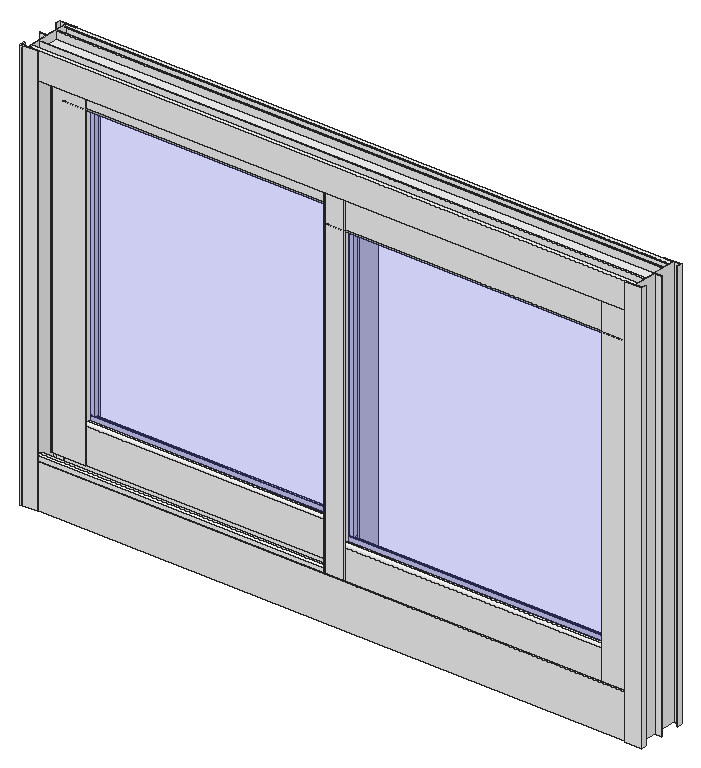
Revit family "Elite_OX_Custom", category Windows, host Wall, Revit 2014
Parameters (values of type "OX_Custom")
  Windload Design = if(Custom Windload < 1001 mm, 1000 mm, if(Custom Windload < 1501 mm, 1500 mm, 2000 mm))  # 1000 mm
  Width Sash Right [instance] = 447.9 mm
  Width Sash Left [instance] = 447.9 mm
  Wall Thickness [instance] = 200 mm
  Standard Interlocker = not(Inside Heavy Duty Interlocker)  # yes
  Sash Width Right = (Width - (2 mm * 12) - Sash Width Left) + 29.8 mm  # 447.9 mm
  Sash Width Left = if(Equal Sash Width, ((Width - (2 mm * 12)) / 2) + 14.9 mm, if(Custom Sash Width Left < Limit Sash Width Left Min, Limit Sash Width Left Min, if(Custom Sash Width Left > Limit Sash Width Left Max, Limit Sash Width Left Max, Custom Sash Width Left)))  # 447.9 mm
  Sash Side Spacing = 0.5 mm  # constant formula
  Sash Height = Height - 29 mm - 54 mm  # 507 mm
  Sash Frame Seal = 1 mm  # constant formula
  Rough Width = 2.5 mm
  Overall Width [instance] = 890 mm
  Overall Height [instance] = 590 mm
  Outside Heavy Duty Interlocker = if(Interlocker Configuration = 2 mm, 1 = 1, 1 = 0)  # no
  Max Pane Area = if(Area Right Sash Glazing > Area Left Sash Glazing, Area Right Sash Glazing, Area Left Sash Glazing)  # 0.160149 m²
  Limit Window Width Min = (2 * Limit Sash Width Min) + (2 mm * 12) - 29.8 mm  # 594.2 mm
  Limit Window Width Max = if(Windload Design = 1000 mm, (2 * Limit Sash Width Max) + (2 mm * 12) - 29.8 mm, if(Windload Design = 1500 mm, if(Custom Window Height > 1490 mm, 1490 mm, (2 * Limit Sash Width Max) + (2 mm * 12) - 29.8 mm), if(Custom Window Height > 1490 mm, 890 mm, (2 * Limit Sash Width Max) + (2 mm * 12) - 29.8 mm)))  # 2994.2 mm
  Limit Window Height Min = Limit Sash Height Min + (29 mm + 54 mm)  # 383 mm
  Limit Window Height Max = if(Windload Design = 1000 mm, Limit Sash Height Max + (29 mm + 54 mm), if(Windload Design = 1500 mm, if(and(Custom Window Width > 1490 mm, Custom Window Height > 1490 mm), 1490 mm, Limit Sash Height Max + (29 mm + 54 mm)), if(and(Custom Window Width > 890 mm, Custom Window Height > 1490 mm), 1490 mm, Limit Sash Height Max + (29 mm + 54 mm))))  # 1883 mm
  Limit Sash Width Min = 300 mm  # constant formula
  Limit Sash Width Max = 1500 mm  # constant formula
  Limit Sash Width Left Min = if(Width - (2 mm * 12) - Limit Sash Width Max + 29.8 mm < Limit Sash Width Min, Limit Sash Width Min, Width - (2 mm * 12) - Limit Sash Width Max + 29.8 mm)  # 300 mm
  Limit Sash Width Left Max = if(Width - (2 mm * 12) - Limit Sash Width Min + 29.8 mm > Limit Sash Width Max, Limit Sash Width Max, Width - (2 mm * 12) - Limit Sash Width Min + 29.8 mm)  # 595.8 mm
  Limit Sash Height Min = 300 mm  # constant formula
  Limit Sash Height Max = 1800 mm  # constant formula
  Interlocker Configuration = if(Windload Design = 1000 mm, if(or(not(Height > 890 mm), or(and(not(Height > 1190 mm), not(Width > 2690 mm)), and(not(Height > 1490 mm), not(Width > 890 mm)))), 0 mm, if(and(Height > 1490 mm, Width > 1190 mm), 2 mm, 1 mm)), if(Windload Design = 1500 mm, if(or(and(not(Width > 1190 mm), not(Height > 1190 mm)), not(Height > 890 mm)), 0 mm, if(or(and(Width > 1790 mm, Height > 1190 mm), and(Width > 890 mm, Height > 1490 mm)), 2 mm, 1 mm)), if(or(not(Height > 890 mm), and(not(Width > 890 mm), not(Height > 1190 mm))), 0 mm, if(or(Height > 1490 mm, and(Width > 1190 mm, Height > 1190 mm)), 2 mm, 1 mm))))  # 0 mm
  Height Sash [instance] = 507 mm
  Height = if(Custom Window Height < Limit Window Height Min, Limit Window Height Min, if(Custom Window Height > Limit Window Height Max, Limit Window Height Max, Custom Window Height))  # 590 mm
  Inside Heavy Duty Interlocker = if(or(Interlocker Configuration = 1 mm, Interlocker Configuration = 2 mm), 1 = 1, 1 = 0)  # no
  Glazing Thickness = if(not(Max Pane Area > 0.75 m²), 4 mm, if(not(Max Pane Area > 1.50 m²), 4 mm, if(not(Max Pane Area > 2.10 m²), 5 mm, if(not(Max Pane Area > 2.90 m²), 6.4 mm, if(not(Max Pane Area > 4.30 m²), 8 mm, 10 mm)))))  # 4 mm
  Glass Type = Glass
  Frame Thickness = 70.3 mm  # constant formula
  Frame Offset From Exterior [instance] = if(Centered In Wall, (Wall Thickness - Frame Thickness) / 2, Custom Frame Offset From Exterior)  # 64.85 mm
  Equal Sash Width = yes
  Default Sill Height = 800 mm
  Wall Closure = By host
  Width = if(Custom Window Width < Limit Window Width Min, Limit Window Width Min, if(Custom Window Width > Limit Window Width Max, Limit Window Width Max, Custom Window Width))  # 890 mm
  Custom Window Width = 890 mm
  Custom Window Height = 590 mm
  Custom Windload = 1000 mm
  Custom Sash Width Left = 600 mm
  Custom Frame Offset From Exterior = 0 mm
  Centered In Wall = yes
  Area Right Sash Glazing = (Sash Width Right - 21 mm - 41 mm) * (Sash Height - (46 mm * 2))  # 0.160149 m²
  Area Left Sash Glazing = (Sash Width Left - 21 mm - 41 mm) * (Sash Height - (46 mm * 2))  # 0.160149 m²
  Aluminium Finish [instance] = White Powder Coated Aluminium ANP 1052
Reference planes
  plane 1 "Center (Front/Back)": y = 0
  plane 2 "Center (Left/Right)": x = 0
  plane 3 "Left": x = -445
  plane 4 "Right": x = 445
  plane 5 "Sill": z = 800
  plane 6 "Head": z = 1390
  plane 7 "Exterior": y = 100
  plane 8 "Interior": y = -100
Lines and regions (mm)
  Opening 1
    outline origin (3500, -100, 0) x (1, 0, 0) y (0, 0, 1)
      loop
        line (-3055, 800) -> (-3055, 1390) -> (-3945, 1390) -> (-3945, 800) -> (-3055, 800)
Text (mm)
  text "EXTERIOR" at (-1963.203, 1332.353, 0), in view "Ref. Level"
  text "INTERIOR" at (-1981.466, -818.386, 0), in view "Ref. Level"
  text "Exterior" at (0, 923.751, 2943.296), in view "Right"
  text "Exterior" at (0, 1040.484, 2685.409), in view "Left"
Dimensions and locks
  equal spacing: plane 3 "Left", plane 2 "Center (Left/Right)", plane 4 "Right"
  "Width": plane 3 "Left" to plane 4 "Right"
  "Height": plane 5 "Sill" to plane 6 "Head"
  "Default Sill Height": plane 5 "Sill" to level
  locked: plane 7 "Exterior" to host wall at 0
  locked: plane 8 "Interior" to host wall
  "Overall Height": plane 6 "Head" to plane 5 "Sill"
  "Overall Width": plane 3 "Left" to plane 4 "Right"
  "Sash Side Spacing": nested 1 to nested 3
  "Sash Side Spacing": nested 2 to nested 1
  "Width Sash Left": nested 2 to nested 2
  "Height Sash": nested 2 to nested 2
  "Width Sash Right": nested 3 to nested 3
  "Frame Offset From Exterior": nested 1 to plane 7 "Exterior"
  locked: nested 1 to nested 3 at 0.7
  locked: nested 2 to nested 1 at 1
  aligned and locked: nested 1 to plane 6 "Head"
  aligned and locked: nested 1 to plane 3 "Left"
  aligned and locked: nested 3 to nested 1
  aligned and locked: nested 2 to nested 1
Automatic sketch dimensions
  plane 3 "Left" to Opening 1 sketch curve = 0 mm
  plane 4 "Right" to Opening 1 sketch curve = 0 mm
  Opening 1 sketch curve to plane 5 "Sill" = 0 mm
  Opening 1 sketch curve to plane 6 "Head" = 0 mm
Nested families
  nested 1: "Elite_Frame_OX_XX" at (445, -35.15, 800), Profile Material <- "Aluminium Finish", Width <- "Width", Height <- "Height", type "Elite_Frame_OX_XX"
    with Width 890 mm, Profile Material White Powder Coated Aluminium ANP 1052, Length Jamb 590 mm, Length Head & Sill 867 mm, Height 590 mm
  nested 2: "Elit_Sash_Inner" at (433, -30.5, 854), Profile Material <- "Aluminium Finish", Glazing Material <- "Glass Type", Sash Width <- "Sash Width Left", Sash Height <- "Sash Height", Glazing Thickness <- "Glazing Thickness", Is Heavy Duty Interlocker <- "Inside Heavy Duty Interlocker", type "Elit_Sash_Inner"
    with Sash Width 447.9 mm, Sash Height 507 mm, Right Sliding no, Profile Material White Powder Coated Aluminium ANP 1052, Length Sash Head & Sill 431.9 mm, Length Arrow Tip 35.081 mm, Length Arrow 115.767 mm, Left Sliding no, Is Standard Interlocker yes, Is Sliding no, Is Heavy Duty Interlocker no, Glazing Width 385.9 mm, Glazing Thickness 4 mm, Glazing Start -2 mm, Glazing Material Glass, Glazing Height 415 mm, Glazing Frame Side Gap 3 mm, Glazing End 2 mm, Arrow Tip Length 35.081 mm, Arrow Left Gap 135.067 mm, Arrow Bottom Gap 207.5 mm
  nested 3: "Elite_Sash_Outer" at (-433, 30.2, 854) x (-1, 0, 0) z (0, 0, 1), Profile Material <- "Aluminium Finish", Glazing Material <- "Glass Type", Glazing Thickness <- "Glazing Thickness", Sash Width <- "Sash Width Right", Sash Height <- "Sash Height", Is Heavy Duty Interlocker <- "Outside Heavy Duty Interlocker", type "Elite_Sash_Outer"
    with Sash Width 447.9 mm, Sash Height 507 mm, Right Sliding yes, Profile Material White Powder Coated Aluminium ANP 1052, Length Sash Head & Sill 431.9 mm, Length Arrow Tip 35.081 mm, Length Arrow 115.767 mm, Left Sliding no, Is Standard Interlocker yes, Is Sliding yes, Is Heavy Duty Interlocker no, Glazing Width 385.9 mm, Glazing Thickness 4 mm, Glazing Start -2 mm, Glazing Material Glass, Glazing Height 415 mm, Glazing Frame Side Gap 3 mm, Glazing End 2 mm, Arrow Tip Length 35.081 mm, Arrow Left Gap 135.067 mm, Arrow Bottom Gap 207.5 mm
Definition of nested family "Elite_Frame_OX_XX"
  Parameters (values of type "Elite_Frame_OX_XX")
    Width [instance] = 600 mm
    Profile Material [instance] = none
    Length Jamb [instance] = Height  # 900 mm
    Length Head & Sill [instance] = Width - 2 * 11.5 mm  # 577 mm
    Height [instance] = 900 mm
  Reference planes
    plane 1 "Center (Front/Back)": y = 0
    plane 2: z = 0
    plane 3 "Center (Left/Right)": x = 0
  Dimensions and locks
    aligned and locked: level to plane 2
    aligned and locked: nested 2 to plane 2
    aligned and locked: plane 3 "Center (Left/Right)" to nested 2
    aligned and locked: plane 1 "Center (Front/Back)" to nested 2
    aligned and locked: nested 1 to nested 2  (x2)
    aligned and locked: nested 2 to nested 3
    aligned and locked: nested 2 to nested 1
    aligned and locked: nested 4 to plane 1 "Center (Front/Back)"
    aligned and locked: nested 4 to nested 1
    aligned and locked: plane 2 to nested 4
    aligned and locked: nested 3 to nested 2
    aligned and locked: nested 3 to nested 4
  Nested families
    nested 1: "Elite_Frame_Sill" at (-11.5, 68.5, 0) x (-1, 0, 0) z (0, 0, 1), Profile Material <- "Profile Material", Length Frame Sill <- "Length Head & Sill", type "Elite_Frame_Sill"
      with Profile Material none, Length Frame Sill 577 mm
    nested 2: "Elite_Frame_Jamb_Mirror" at (-24.5, 70.3, 0) x (0, -1, 0) z (0, 0, 1), Profile Material <- "Profile Material", Length Frame Jamb <- "Length Jamb", type "Elite_Frame_Jamb_Mirror"
      with Profile Material none, Length Frame Jamb 900 mm
    nested 3: "Elite_Frame_Head" at (-588.5, 1.5, 759.46), Profile Material <- "Profile Material", Length Frame Head <- "Length Head & Sill", type "Elite_Frame_Head"
      with Profile Material none, Length Frame Head 577 mm
    nested 4: "Elite_Frame_Jamb" at (-575.5, 70.3, 0) x (0, -1, 0) z (0, 0, 1), Profile Material <- "Profile Material", Length Frame Jamb <- "Length Jamb", type "Elite_Frame_Jamb"
      with Profile Material none, Length Frame Jamb 900 mm
  Definition of nested family "Elite_Frame_Sill"
    Parameters (values of type "Elite_Frame_Sill")
      Profile Material [instance] = none
      Length Frame Sill [instance] = 250 mm
    Reference planes
      plane 1 "Center (Front/Back)": y = 0
      plane 2: z = 0
      plane 3 "Center (Left/Right)": x = 0
    Forms (mm)
      Extrusion 1, solid, material <- "Profile Material"
        sketch origin (0, 0, 0) x (0, 1, 0) y (0, 0, 1)
          loop
            line (20.5, 61.807) -> (15.922, 62.99) -> (11.5, 61.805) -> (11.5, 54) -> (12.9, 54) -> (12.9, 60.734) -> (16.078, 61.54) -> (19.1, 60.731) -> (19.1, 37) -> (12.88, 36.997) -> (0, 35.262) -> (0, 11.5) -> (1.4, 11.5) -> (1.4, 15) -> (12, 15) -> (12, 0) -> (17, 0) -> (17, 1) -> (13.4, 1) -> (13.4, 5) -> (17, 5) -> (17, 6) -> (13.4, 6) -> (13.4, 18.532) -> (65.6, 20.009) -> (65.6, 6) -> (62, 6) -> (62, 5) -> (65.6, 5) -> (65.6, 1) -> (62, 1) -> (62, 0) -> (67, 0) -> (67, 63) -> (65.6, 63) -> (65.6, 37) -> (55.5, 37) -> (55.5, 61.807) -> (50.922, 62.99) -> (46.5, 61.805) -> (46.5, 54) -> (47.9, 54) -> (47.9, 60.734) -> (51.078, 61.54) -> (54.1, 60.731) -> (54.1, 37) -> (20.5, 37) -> (20.5, 61.807)
          loop
            line (65.6, 35.6) -> (12.994, 35.6) -> (1.4, 34.038) -> (1.4, 16.4) -> (12, 16.4) -> (12, 19.893) -> (65.6, 21.409) -> (65.6, 35.6)
        from 0 to 250 <- "Length Frame Sill"
    Dimensions and locks
      aligned and locked: level to plane 2
  Definition of nested family "Elite_Frame_Jamb_Mirror"
    Parameters (values of type "Elite_Frame_Jamb_Mirror")
      Void Spacing Top = 13 mm  # constant formula
      Void Spacing Bottom = 38 mm  # constant formula
      Void Cut Length = 13 mm  # constant formula
      Profile Material [instance] = none
      Length Frame Jamb [instance] = 250 mm
    Reference planes
      plane 1 "Center (Front/Back)": y = 0
      plane 2: z = 0
      plane 3 "Center (Left/Right)": x = 0
    Forms (mm)
      Extrusion 1, solid, material <- "Profile Material"
        sketch origin (-5.594, -3.252, 0) x (1, 0, 0) y (0, 1, 0)
          loop
            line (74.394, 26.252) -> (74.394, 17.752) -> (41.394, 17.752) -> (41.394, 27.752) -> (40.094, 27.752) -> (40.094, 17.752) -> (7.094, 17.752) -> (7.094, 26.252) -> (12.594, 26.252) -> (12.594, 27.752) -> (5.594, 27.752) -> (5.594, 3.252) -> (7.094, 3.252) -> (7.094, 16.252) -> (49.743, 16.252) -> (49.743, 10.75) -> (52.03, 3.252) -> (53.599, 3.252) -> (50.994, 11.791) -> (50.994, 16.252) -> (65.494, 16.252) -> (65.494, 11.791) -> (62.888, 3.252) -> (64.457, 3.252) -> (66.744, 10.793) -> (66.744, 16.252) -> (74.394, 16.252) -> (74.394, 3.252) -> (75.894, 3.252) -> (75.894, 27.752) -> (68.894, 27.752) -> (68.894, 26.252) -> (74.394, 26.252)
        from 0 to 250 <- "Length Frame Jamb"
      Extrusion 2, void
        sketch origin (70.3, 0, 0) x (1, 0, 0) y (0, 0, -1)
          loop
            line (-26.151, -237) -> (-26.151, -250) -> (-9.15, -250) -> (-9.15, -237) -> (-26.151, -237)
          loop
            line (-26.151, -38) -> (-9.15, -38) -> (-9.15, 0) -> (-26.151, 0) -> (-26.151, -38)
        from 0 to 13 <- "Void Cut Length"
    Cuts and joins
      Extrusion 2 cuts Extrusion 1
    Dimensions and locks
      "Void Spacing Top": Extrusion 2 sketch curve to Extrusion 2 sketch curve
      "Void Spacing Bottom": Extrusion 2 sketch curve to Extrusion 2 sketch curve
      aligned and locked: level to plane 2
      aligned and locked: Extrusion 1 to Extrusion 2 sketch curve  (x2)
      aligned and locked: Extrusion 2 sketch curve to Extrusion 1
      aligned and locked: Extrusion 2 sketch curve to cut or joined group of Extrusion 1, Extrusion 2  (x3)
    Automatic sketch dimensions
      Extrusion 1 sketch curve to plane 3 "Center (Left/Right)" = 0 mm
      plane 1 "Center (Front/Back)" to Extrusion 1 sketch curve = 0 mm  (x4)
      plane 3 "Center (Left/Right)" to Extrusion 1 sketch curve = 1.5 mm  (x2)
      Extrusion 1 sketch curve to Extrusion 1 sketch curve = 5.5 mm  (x2)
      Extrusion 1 sketch curve to Extrusion 1 sketch curve = 27.5 mm
      Extrusion 1 sketch curve to Extrusion 1 sketch curve = 1.3 mm
      Extrusion 1 sketch curve to Extrusion 1 sketch curve = 8.349 mm
      Extrusion 1 sketch curve to Extrusion 1 sketch curve = 1.251 mm
      Extrusion 1 sketch curve to Extrusion 1 sketch curve = 2.288 mm
      Extrusion 1 sketch curve to Extrusion 1 sketch curve = 1.568 mm
      Extrusion 1 sketch curve to Extrusion 1 sketch curve = 9.29 mm
      Extrusion 1 sketch curve to Extrusion 1 sketch curve = 1.569 mm
      Extrusion 1 sketch curve to Extrusion 1 sketch curve = 1.037 mm
      Extrusion 1 sketch curve to Extrusion 1 sketch curve = 1.25 mm
      Extrusion 1 sketch curve to Extrusion 1 sketch curve = 2.15 mm
      Extrusion 1 sketch curve to Extrusion 1 sketch curve = 0 mm  (x3)
      Extrusion 1 sketch curve to Extrusion 1 sketch curve = 1.5 mm  (x5)
      Extrusion 1 sketch curve to plane 1 "Center (Front/Back)" = 7.498 mm
      Extrusion 1 sketch curve to plane 1 "Center (Front/Back)" = 7.54 mm
      Extrusion 1 sketch curve to Extrusion 1 sketch curve = 0.998 mm
      Extrusion 1 sketch curve to Extrusion 1 sketch curve = 1.041 mm
      Extrusion 1 sketch curve to Extrusion 1 sketch curve = 4.461 mm
      Extrusion 1 sketch curve to Extrusion 1 sketch curve = 8.5 mm  (x2)
      Extrusion 1 sketch curve to Extrusion 1 sketch curve = 10 mm
  Definition of nested family "Elite_Frame_Head"
    Parameters (values of type "Elite_Frame_Head")
      Profile Material [instance] = none
      Length Frame Head [instance] = 250 mm
    Reference planes
      plane 1 "Center (Front/Back)": y = 0
      plane 2: z = 0
      plane 3 "Center (Left/Right)": x = 0
    Forms (mm)
      Extrusion 1, solid, material <- "Profile Material"
        sketch origin (0, 0, 0) x (0, 1, 0) y (0, 0, 1)
          loop
            line (11.5, 102.54) -> (20.5, 102.54) -> (20.5, 111.54) -> (19.1, 111.54) -> (19.1, 103.94) -> (12.9, 103.94) -> (12.9, 128.64) -> (54.1, 128.64) -> (54.1, 103.94) -> (47.9, 103.94) -> (47.9, 111.54) -> (46.5, 111.54) -> (46.5, 102.54) -> (55.5, 102.54) -> (55.5, 128.64) -> (65.5, 128.64) -> (65.5, 102.54) -> (67, 102.54) -> (67, 140.54) -> (61.65, 140.54) -> (61.65, 139.14) -> (65.5, 139.14) -> (65.5, 130.04) -> (49.298, 130.04) -> (49.298, 140.54) -> (47.9, 140.54) -> (47.9, 130.04) -> (19.1, 130.04) -> (19.1, 140.54) -> (17.7, 140.54) -> (17.7, 130.04) -> (1.5, 130.04) -> (1.5, 139.14) -> (5.35, 139.14) -> (5.35, 140.54) -> (0, 140.54) -> (0, 102.54) -> (1.5, 102.54) -> (1.5, 128.64) -> (11.5, 128.64) -> (11.5, 102.54)
        from 0 to 250 <- "Length Frame Head"
    Dimensions and locks
      aligned and locked: level to plane 2
  Definition of nested family "Elite_Frame_Jamb"
    Parameters (values of type "Elite_Frame_Jamb")
      Void Spacing Top = 13 mm  # constant formula
      Void Spacing Bottom = 38 mm  # constant formula
      Void Cut Length = 13 mm  # constant formula
      Profile Material [instance] = none
      Length Frame Jamb [instance] = 250 mm
    Reference planes
      plane 1 "Center (Front/Back)": y = 0
      plane 2: z = 0
      plane 3 "Center (Left/Right)": x = 0
    Forms (mm)
      Extrusion 1, solid, material <- "Profile Material"
        sketch origin (-5.594, -3.252, 0) x (1, 0, 0) y (0, 1, 0)
          loop
            line (7.094, 26.252) -> (12.594, 26.252) -> (12.594, 27.752) -> (5.594, 27.752) -> (5.594, 3.252) -> (7.094, 3.252) -> (7.094, 16.252) -> (14.744, 16.252) -> (14.744, 10.793) -> (17.03, 3.252) -> (18.599, 3.252) -> (15.994, 11.791) -> (15.994, 16.252) -> (30.494, 16.252) -> (30.494, 11.791) -> (27.888, 3.252) -> (29.457, 3.252) -> (31.744, 10.75) -> (31.744, 16.252) -> (74.394, 16.252) -> (74.394, 3.252) -> (75.894, 3.252) -> (75.894, 27.752) -> (68.894, 27.752) -> (68.894, 26.252) -> (74.394, 26.252) -> (74.394, 17.752) -> (41.394, 17.752) -> (41.394, 27.752) -> (40.094, 27.752) -> (40.094, 17.752) -> (7.094, 17.752) -> (7.094, 26.252)
        from 0 to 250 <- "Length Frame Jamb"
      Extrusion 2, void
        sketch origin (68.8, 0, 0) x (-1, 0, 0) y (0, 0, 1)
          loop
            line (59.65, 250) -> (42.649, 250) -> (42.649, 237) -> (59.65, 237) -> (59.65, 250)
          loop
            line (42.649, 0) -> (59.65, 0) -> (59.65, 38) -> (42.649, 38) -> (42.649, 0)
        from 0 to 13 <- "Void Cut Length"
    Cuts and joins
      Extrusion 2 cuts Extrusion 1
    Dimensions and locks
      "Void Spacing Bottom": Extrusion 2 sketch curve to Extrusion 2 sketch curve
      "Void Spacing Top": Extrusion 2 sketch curve to Extrusion 2 sketch curve
      aligned and locked: level to plane 2
      aligned and locked: Extrusion 2 sketch curve to Extrusion 1  (x6)
    Automatic sketch dimensions
      plane 1 "Center (Front/Back)" to Extrusion 1 sketch curve = 0 mm  (x4)
      Extrusion 1 sketch curve to plane 3 "Center (Left/Right)" = 0 mm
      plane 3 "Center (Left/Right)" to Extrusion 1 sketch curve = 1.5 mm  (x2)
      Extrusion 1 sketch curve to Extrusion 1 sketch curve = 5.5 mm  (x2)
      Extrusion 1 sketch curve to Extrusion 1 sketch curve = 7.65 mm
      Extrusion 1 sketch curve to Extrusion 1 sketch curve = 1.25 mm
      Extrusion 1 sketch curve to Extrusion 1 sketch curve = 2.287 mm
      Extrusion 1 sketch curve to Extrusion 1 sketch curve = 1.569 mm
      Extrusion 1 sketch curve to Extrusion 1 sketch curve = 9.29 mm
      Extrusion 1 sketch curve to Extrusion 1 sketch curve = 1.568 mm
      Extrusion 1 sketch curve to Extrusion 1 sketch curve = 1.037 mm
      Extrusion 1 sketch curve to plane 1 "Center (Front/Back)" = 7.498 mm
      Extrusion 1 sketch curve to Extrusion 1 sketch curve = 1.251 mm
      Extrusion 1 sketch curve to Extrusion 1 sketch curve = 8.349 mm
      Extrusion 1 sketch curve to Extrusion 1 sketch curve = 1.3 mm
      Extrusion 1 sketch curve to Extrusion 1 sketch curve = 27.5 mm
      Extrusion 1 sketch curve to Extrusion 1 sketch curve = 0 mm  (x3)
      Extrusion 1 sketch curve to Extrusion 1 sketch curve = 1.5 mm  (x5)
      Extrusion 1 sketch curve to plane 1 "Center (Front/Back)" = 7.54 mm
      Extrusion 1 sketch curve to Extrusion 1 sketch curve = 0.998 mm
      Extrusion 1 sketch curve to Extrusion 1 sketch curve = 1.041 mm
      Extrusion 1 sketch curve to Extrusion 1 sketch curve = 4.461 mm
      Extrusion 1 sketch curve to Extrusion 1 sketch curve = 8.5 mm  (x2)
      Extrusion 1 sketch curve to Extrusion 1 sketch curve = 10 mm
Definition of nested family "Elit_Sash_Inner"
  Parameters (values of type "Elit_Sash_Inner")
    Top&Bottom Side Spacing = 14.5 mm  # constant formula
    Sash Width [instance] = 1500 mm
    Sash Height [instance] = 1200 mm
    Right Sliding [instance] = yes
    Profile Material [instance] = White Powder Coated Aluminium ANP 1052
    Overlap Gap = 1.4 mm  # constant formula
    Middle of Glazing = 13 mm  # constant formula
    Length Sash Head & Sill [instance] = Sash Width - 14.5 mm - 1.5 mm  # 1484 mm
    Length Arrow Tip [instance] = Length Arrow / 3.3  # 141.354 mm
    Length Arrow [instance] = (Sash Width - (2 * 50.3 mm)) / 3  # 466.467 mm
    Left Sliding [instance] = yes
    Is Standard Interlocker [instance] = not(Is Heavy Duty Interlocker)  # no
    Is Sliding [instance] = if(or(Right Sliding, Left Sliding), 1 = 1, 1 = 2)  # yes
    Is Heavy Duty Interlocker [instance] = yes
    Glazing Width [instance] = Sash Width - 21 mm - 41 mm  # 1438 mm
    Glazing Thickness [instance] = 6.4 mm
    Glazing Start [instance] = -Glazing Thickness / 2  # -3.2 mm
    Glazing Side Spacing = 41 mm  # constant formula
    Glazing Profile Gap = 459.05 mm
    Glazing Material [instance] = Glass
    Glazing Height [instance] = Sash Height - (46 mm * 2)  # 1108 mm
    Glazing Frame Side Gap [instance] = (10 mm - Glazing Thickness) / 2  # 1.8 mm
    Glazing Frame Gap = 5 mm  # constant formula
    Glazing End [instance] = Glazing Thickness / 2  # 3.2 mm
    Glazing Edge Interlocker Gap = 17 mm  # constant formula
    Glazing Edge Bottom and Top Gap = 46 mm  # constant formula
    Arrow Tip Length [instance] = if((Sash Height - (2 * 50.3 mm)) / 8 > Length Arrow / 3.3, Length Arrow / 3.3, (Sash Height - (2 * 50.3 mm)) / 8)  # 137.425 mm
    Arrow Tip Angle = 45.00°
    Arrow Left Gap [instance] = (Sash Width - 21 mm - 41 mm - Length Arrow) / 2  # 485.767 mm
    Arrow Bottom Gap [instance] = Sash Height / 2 - 46 mm  # 554 mm
    1.5 Spacing = 1.5 mm  # constant formula
  Reference planes
    plane 1 "Center (Front/Back)": y = 0
    plane 2: z = 0
    plane 3 "Center (Left/Right)": x = 0
    plane 4: y = -13
  Forms (mm)
    Extrusion 1, solid, material "Glass" <- "Glazing Material"
      sketch origin (-1492.688, -13, 1709.9) x (-1, 0, 0) y (0, 0, 1)
        loop
          line (-13.688, -555.9) -> (-1451.688, -555.9) -> (-1451.688, -1663.9) -> (-13.688, -1663.9) -> (-13.688, -555.9)
      from -3.2 <- "Glazing Start" to 3.2 <- "Glazing End"
  Lines and regions (mm)
    model lines, visible <- "Is Sliding"
      curve 1: line (-993.233, -16.2, 600) -> (-526.767, -16.2, 600)
    model lines, visible <- "Left Sliding"
      curve 2: line (-526.767, -16.2, 600) -> (-623.941, -16.2, 697.174)
      curve 3: line (-526.767, -16.2, 600) -> (-623.941, -16.2, 502.826)
    model lines, visible <- "Right Sliding"
      curve 4: line (-993.233, -16.2, 600) -> (-893.281, -16.2, 699.952)
      curve 5: line (-993.233, -16.2, 600) -> (-893.281, -16.2, 500.048)
  Dimensions and locks
    "Length Arrow": curve 1 to curve 1
    "Arrow Left Gap": Extrusion 1 to curve 1
    "Arrow Bottom Gap": Extrusion 1 to curve 1
    "Arrow Tip Length": curve 3 to curve 2
    "Arrow Tip Length": curve 3 to curve 3
    "Length Arrow Tip": curve 5 to curve 5
    "Length Arrow Tip": curve 5 to curve 4
    "Middle of Glazing": plane 4 to plane 1 "Center (Front/Back)"
    "Glazing Width": Extrusion 1 to Extrusion 1
    "Glazing Height": Extrusion 1 to Extrusion 1
    "Sash Width": nested 2 to plane 3 "Center (Left/Right)"
    "Glazing Side Spacing": Extrusion 1 to plane 3 "Center (Left/Right)"
    "1.5 Spacing": nested 3 to plane 1 "Center (Front/Back)"
    "Top&Bottom Side Spacing": nested 3 to plane 3 "Center (Left/Right)"
    "Top&Bottom Side Spacing": nested 4 to plane 3 "Center (Left/Right)"
    "1.5 Spacing": nested 4 to plane 1 "Center (Front/Back)"
    "Sash Height": nested 3 to plane 2
    "Glazing Edge Bottom and Top Gap": plane 2 to Extrusion 1
    "Sash Width": nested 5 to plane 3 "Center (Left/Right)"
    "Arrow Tip Angle": angle curve 3 to curve 1
    "Arrow Tip Angle": angle curve 1 to curve 2
    "Arrow Tip Angle": angle curve 4 to curve 1
    "Arrow Tip Angle": angle curve 1 to curve 5
    aligned and locked: level to plane 2
    aligned and locked: plane 3 "Center (Left/Right)" to nested 1
    aligned and locked: nested 1 to plane 2
    aligned and locked: nested 4 to plane 2
    aligned and locked: nested 2 to plane 2
    aligned and locked: nested 2 to plane 1 "Center (Front/Back)"
    aligned and locked: nested 5 to plane 1 "Center (Front/Back)"
    aligned and locked: nested 5 to plane 2
  Automatic sketch dimensions
    Extrusion 1 sketch curve to Extrusion 1 sketch curve = 1108 mm
    level to Extrusion 1 sketch curve = 46 mm
    Extrusion 1 sketch curve to plane 3 "Center (Left/Right)" = 41 mm
    Extrusion 1 sketch curve to Extrusion 1 sketch curve = 1438 mm
  Nested families
    nested 1: "Elite_Lock_Stile" at (0, -26, 0) x (0, 1, 0) z (0, 0, 1), Profile Material <- "Profile Material", Length Lock Stile <- "Sash Height", type "Elite_Lock_Stile"
      with Profile Material White Powder Coated Aluminium ANP 1052, Length Lock Stile 1200 mm
    nested 2: "Elite_Interlocker" at (-1506.667, 6.916, 0) x (0, -1, 0) z (0, 0, 1), Profile Material <- "Profile Material", Length Interlocker <- "Sash Height", visible <- "Is Standard Interlocker", type "Elite_Interlocker"
      with Profile Material White Powder Coated Aluminium ANP 1052, Length Interlocker 1200 mm
    nested 3: "Elite_Sash_Top" at (-1498.5, -24.2, 1052), Profile Material <- "Profile Material", Length Sash Top <- "Length Sash Head & Sill", type "Elite_Sash_Top"
      with Profile Material White Powder Coated Aluminium ANP 1052, Length Sash Top 1484 mm
    nested 4: "Elite_Sash_Bottom" at (-1498.5, -24.2, 0), Profile Material <- "Profile Material", Length Sash Bottom <- "Length Sash Head & Sill", type "Elite_Sash_Bottom"
      with Profile Material White Powder Coated Aluminium ANP 1052, Length Sash Bottom 1484 mm
    nested 5: "Elite_Heavy_Duty_Interlocker_Inside" at (-1500, 20, 0) x (0, -1, 0) z (0, 0, 1), Length Heavy Duty Interlocker <- "Sash Height", Profile Material <- "Profile Material", visible <- "Is Heavy Duty Interlocker", type "Elite_Heavy_Duty_Interlocker_Inside"
      with Profile Material White Powder Coated Aluminium ANP 1052, Length Heavy Duty Interlocker 1200 mm
  Definition of nested family "Elite_Lock_Stile"
    Parameters (values of type "Elite_Lock_Stile")
      Width Rail Cut = 13 mm  # constant formula
      Side Gap Rail Cut = 5 mm  # constant formula
      Profile Material [instance] = none
      Length Lock Stile [instance] = 250 mm
      Height Rail Cut = 26 mm  # constant formula
      Height Large Cut = 55 mm  # constant formula
    Reference planes
      plane 1 "Center (Front/Back)": y = 0
      plane 2: z = 0
      plane 3 "Center (Left/Right)": x = 0
    Forms (mm)
      Extrusion 1, solid, material <- "Profile Material"
        sketch origin (0, 0, 0) x (1, 0, 0) y (0, 1, 0)
          loop
            line (0, 0) -> (3.5, 0) -> (3.5, 2.4) -> (2.5, 2.4) -> (2.5, 1.2) -> (1.2, 1.2) -> (1.2, 8.8) -> (2.5, 8.8) -> (2.5, 7.6) -> (3.5, 7.6) -> (3.5, 10) -> (1.5, 10) -> (1.5, 13) -> (24.5, 13) -> (24.5, 10) -> (22.5, 10) -> (22.5, 7.6) -> (23.5, 7.6) -> (23.5, 8.8) -> (24.8, 8.8) -> (24.8, 1.2) -> (23.5, 1.2) -> (23.5, 2.4) -> (22.5, 2.4) -> (22.5, 0) -> (26, 0) -> (26, 49.8) -> (24.5, 49.8) -> (24.5, 49) -> (18, 49) -> (18, 43) -> (19.5, 43) -> (19.5, 47.5) -> (24.5, 47.5) -> (24.5, 36) -> (1.5, 36) -> (1.5, 47.5) -> (6.5, 47.5) -> (6.5, 43) -> (8, 43) -> (8, 49) -> (1.5, 49) -> (1.5, 49.8) -> (0, 49.8) -> (0, 0)
          loop
            line (1.5, 14.5) -> (24.5, 14.5) -> (24.5, 34.5) -> (13, 34.5) -> (1.5, 34.5) -> (1.5, 14.5)
        from 0 to 250 <- "Length Lock Stile"
      Extrusion 2, void
        sketch origin (24.4, 49, 0) x (1, 0, 0) y (0, 0, 1)
          loop
            line (0.1, 250) -> (-22.9, 250) -> (-22.9, 195) -> (0.1, 195) -> (0.1, 250)
          loop
            line (-22.9, 0) -> (0.1, 0) -> (0.1, 55) -> (-22.9, 55) -> (-22.9, 0)
        from 0 to 25
      Extrusion 3, void
        sketch origin (13, 14.5, 0) x (1, 0, 0) y (0, 0, 1)
          loop
            line (6.5, 250) -> (-6.5, 250) -> (-6.5, 224) -> (6.5, 224) -> (6.5, 250)
          loop
            line (6.5, 0) -> (6.5, 26) -> (-6.5, 26) -> (-6.5, 0) -> (6.5, 0)
        from 0 to 250
    Cuts and joins
      Extrusion 2, Extrusion 3 cuts Extrusion 1
    Dimensions and locks
      "Height Large Cut": Extrusion 2 sketch curve to Extrusion 2 sketch curve  (x2)
      "Height Rail Cut": Extrusion 3 sketch curve to Extrusion 3 sketch curve  (x2)
      "Width Rail Cut": Extrusion 3 sketch curve to Extrusion 3 sketch curve  (x2)
      "Side Gap Rail Cut": Extrusion 3 sketch curve to cut or joined group of Extrusion 1, Extrusion 2, Extrusion 3  (x2)
      aligned and locked: level to plane 2
      aligned and locked: Extrusion 1 to Extrusion 2 sketch curve  (x2)
      aligned and locked: Extrusion 2 sketch curve to Extrusion 1  (x4)
      aligned and locked: Extrusion 3 sketch curve to cut or joined group of Extrusion 1, Extrusion 2, Extrusion 3
      aligned and locked: cut or joined group of Extrusion 1, Extrusion 2, Extrusion 3 to Extrusion 3 sketch curve
    Automatic sketch dimensions
      Extrusion 1 sketch curve to plane 3 "Center (Left/Right)" = 0 mm
      plane 1 "Center (Front/Back)" to Extrusion 1 sketch curve = 0 mm  (x2)
      plane 3 "Center (Left/Right)" to Extrusion 1 sketch curve = 1.2 mm
      plane 3 "Center (Left/Right)" to Extrusion 1 sketch curve = 1.5 mm  (x2)
      Extrusion 1 sketch curve to Extrusion 1 sketch curve = 0 mm  (x4)
      Extrusion 1 sketch curve to Extrusion 1 sketch curve = 0.3 mm  (x2)
      Extrusion 1 sketch curve to Extrusion 1 sketch curve = 1.3 mm  (x2)
      Extrusion 1 sketch curve to Extrusion 1 sketch curve = 1 mm  (x4)
      Extrusion 1 sketch curve to Extrusion 1 sketch curve = 5 mm  (x4)
      Extrusion 1 sketch curve to Extrusion 1 sketch curve = 1.5 mm  (x6)
      Extrusion 1 sketch curve to plane 1 "Center (Front/Back)" = 2.4 mm
      Extrusion 1 sketch curve to Extrusion 1 sketch curve = 19 mm
      Extrusion 1 sketch curve to Extrusion 1 sketch curve = 2 mm
      Extrusion 1 sketch curve to Extrusion 1 sketch curve = 1.2 mm  (x6)
      Extrusion 1 sketch curve to plane 1 "Center (Front/Back)" = 1.2 mm  (x2)
      Extrusion 1 sketch curve to Extrusion 1 sketch curve = 5.2 mm  (x2)
      Extrusion 1 sketch curve to Extrusion 1 sketch curve = 3 mm
      Extrusion 1 sketch curve to Extrusion 1 sketch curve = 20 mm
      Extrusion 1 sketch curve to Extrusion 1 sketch curve = 7 mm  (x2)
      Extrusion 1 sketch curve to Extrusion 1 sketch curve = 4.5 mm  (x2)
      Extrusion 1 sketch curve to Extrusion 1 sketch curve = 0.8 mm  (x2)
  Definition of nested family "Elite_Interlocker"
    Parameters (values of type "Elite_Interlocker")
      Rail Cut Width = 13 mm  # constant formula
      Rail Cut Side Spacing = 5 mm  # constant formula
      Rail Cut Height = 26 mm  # constant formula
      Profile Material [instance] = none
      Length Interlocker [instance] = 250 mm
      Large Cut Height = 55 mm  # constant formula
    Reference planes
      plane 1 "Center (Front/Back)": y = 0
      plane 2: z = 0
      plane 3 "Center (Left/Right)": x = 0
    Forms (mm)
      Extrusion 1, solid, material <- "Profile Material"
        sketch origin (0, 0, 0) x (1, 0, 0) y (0, 1, 0)
          loop
            line (6.916, 36.467) -> (6.916, 6.667) -> (39.416, 6.667) -> (39.416, 9.551) -> (38.416, 9.551) -> (38.416, 8.167) -> (37.116, 8.167) -> (37.116, 9.551) -> (36.116, 9.551) -> (36.116, 8.167) -> (32.916, 8.167) -> (32.916, 15.167) -> (36.116, 15.167) -> (36.116, 13.78) -> (37.116, 13.78) -> (37.116, 15.167) -> (38.416, 15.167) -> (38.416, 13.78) -> (39.416, 13.78) -> (39.416, 25.167)
            arc (39.416, 25.167) -> (38.973, 25.663) -> (38.429, 25.28) r 0.5
            line (38.429, 25.28) -> (36.426, 16.667) -> (32.916, 16.667) -> (32.916, 36.467) -> (31.416, 36.467) -> (31.416, 35.667) -> (24.916, 35.667) -> (24.916, 29.667) -> (26.416, 29.667) -> (26.416, 34.167) -> (31.416, 34.167) -> (31.416, 22.667) -> (19.916, 22.667) -> (8.416, 22.667) -> (8.416, 34.167) -> (13.416, 34.167) -> (13.416, 29.667) -> (14.916, 29.667) -> (14.916, 35.667) -> (8.416, 35.667) -> (8.416, 36.467) -> (6.916, 36.467)
          loop
            line (8.416, 21.167) -> (8.416, 8.167) -> (31.416, 8.167) -> (31.416, 21.167) -> (19.916, 21.167) -> (8.416, 21.167)
        from 0 to 250 <- "Length Interlocker"
      Extrusion 2, void
        sketch origin (14.616, 35.667, 0) x (1, 0, 0) y (0, 0, 1)
          loop
            line (11.8, 250) -> (-1.2, 250) -> (-1.2, 224) -> (11.8, 224) -> (11.8, 250)
          loop
            line (-1.2, 0) -> (11.8, 0) -> (11.8, 26) -> (-1.2, 26) -> (-1.2, 0)
        from 0 to 250
      Extrusion 3, void
        sketch origin (31.316, 35.667, 0) x (1, 0, 0) y (0, 0, 1)
          loop
            line (0.1, 250) -> (-22.9, 250) -> (-22.9, 195) -> (0.1, 195) -> (0.1, 250)
          loop
            line (-22.9, 0) -> (0.1, 0) -> (0.1, 55) -> (-22.9, 55) -> (-22.9, 0)
        from 0 to 25
    Cuts and joins
      Extrusion 2, Extrusion 3 cuts Extrusion 1
    Dimensions and locks
      "Rail Cut Width": Extrusion 2 sketch curve to Extrusion 2 sketch curve  (x2)
      "Rail Cut Side Spacing": Extrusion 2 sketch curve to Extrusion 1  (x2)
      "Rail Cut Height": Extrusion 2 sketch curve to Extrusion 2 sketch curve  (x2)
      "Large Cut Height": Extrusion 3 sketch curve to Extrusion 3 sketch curve  (x2)
      aligned and locked: level to plane 2
      aligned and locked: Extrusion 1 to Extrusion 2 sketch curve  (x2)
      aligned and locked: Extrusion 3 sketch curve to cut or joined group of Extrusion 1, Extrusion 2, Extrusion 3  (x4)
      aligned and locked: cut or joined group of Extrusion 1, Extrusion 2, Extrusion 3 to Extrusion 3 sketch curve  (x2)
    Automatic sketch dimensions
      plane 3 "Center (Left/Right)" to Extrusion 1 sketch curve = 6.916 mm
      plane 3 "Center (Left/Right)" to Extrusion 1 sketch curve = 8.416 mm
      Extrusion 1 sketch curve to Extrusion 1 sketch curve = 1.5 mm  (x11)
      Extrusion 1 sketch curve to Extrusion 1 sketch curve = 0 mm  (x6)
      Extrusion 1 sketch curve to Extrusion 1 sketch curve = 5 mm  (x4)
      Extrusion 1 sketch curve to Extrusion 1 sketch curve = 3.2 mm  (x2)
      Extrusion 1 sketch curve to Extrusion 1 sketch curve = 0.31 mm
      Extrusion 1 sketch curve to Extrusion 1 sketch curve = 1 mm  (x4)
      Extrusion 1 sketch curve to Extrusion 1 sketch curve = 1.3 mm  (x2)
      Extrusion 1 sketch curve to Extrusion 1 sketch curve = 7.013 mm
      Extrusion 1 sketch curve to Extrusion 1 sketch curve = 0.487 mm
      Extrusion 1 sketch curve to plane 1 "Center (Front/Back)" = 6.667 mm
      Extrusion 1 sketch curve to Extrusion 1 sketch curve = 1.384 mm  (x2)
      Extrusion 1 sketch curve to Extrusion 1 sketch curve = 4.229 mm
      Extrusion 1 sketch curve to Extrusion 1 sketch curve = 1.387 mm  (x2)
      Extrusion 1 sketch curve to Extrusion 1 sketch curve = 13 mm
      Extrusion 1 sketch curve to Extrusion 1 sketch curve = 2.5 mm
      Extrusion 1 sketch curve to Extrusion 1 sketch curve = 7 mm  (x2)
      Extrusion 1 sketch curve to Extrusion 1 sketch curve = 4.5 mm  (x2)
      Extrusion 1 sketch curve to Extrusion 1 sketch curve = 0.8 mm  (x2)
  Definition of nested family "Elite_Sash_Top"
    Parameters (values of type "Elite_Sash_Top")
      Profile Material [instance] = none
      Length Sash Top [instance] = 250 mm
    Reference planes
      plane 1 "Center (Front/Back)": y = 0
      plane 2: z = 0
      plane 3 "Center (Left/Right)": x = 0
    Forms (mm)
      Extrusion 1, solid, material <- "Profile Material"
        sketch origin (0, -88.953, -123.01) x (0, 1, 0) y (0, 0, 1)
          loop
            line (92.953, 217.01) -> (95.303, 217.01) -> (95.303, 223.01) -> (93.853, 223.01) -> (93.853, 218.46) -> (92.953, 218.46)
            arc (92.953, 218.46) -> (91.15, 219.207) -> (90.403, 221.01) r 2.55
            line (90.403, 221.01) -> (90.403, 230.06) -> (110.203, 230.06) -> (110.203, 221.01)
            arc (110.203, 221.01) -> (109.456, 219.207) -> (107.653, 218.46) r 2.55
            line (107.653, 218.46) -> (106.753, 218.46) -> (106.753, 223.01) -> (105.303, 223.01) -> (105.303, 217.01) -> (107.653, 217.01)
            arc (107.653, 217.01) -> (110.482, 218.181) -> (111.653, 221.01) r 4
            line (111.653, 221.01) -> (111.653, 271.01) -> (107.403, 271.01) -> (107.403, 268.61) -> (108.603, 268.61) -> (108.603, 269.81) -> (110.203, 269.81) -> (110.203, 262.21) -> (108.603, 262.21) -> (108.603, 263.41) -> (107.403, 263.41) -> (107.403, 261.01) -> (110.203, 261.01) -> (110.203, 231.51) -> (90.403, 231.51) -> (90.403, 261.01) -> (93.203, 261.01) -> (93.203, 263.41) -> (92.003, 263.41) -> (92.003, 262.21) -> (90.403, 262.21) -> (90.403, 269.81) -> (92.003, 269.81) -> (92.003, 268.61) -> (93.203, 268.61) -> (93.203, 271.01) -> (88.953, 271.01) -> (88.953, 221.01)
            arc (88.953, 221.01) -> (90.125, 218.181) -> (92.953, 217.01) r 4
        from 0 to 250 <- "Length Sash Top"
    Dimensions and locks
      aligned and locked: level to plane 2
  Definition of nested family "Elite_Sash_Bottom"
    Parameters (values of type "Elite_Sash_Bottom")
      Profile Material [instance] = none
      Length Sash Bottom [instance] = 250 mm
    Reference planes
      plane 1 "Center (Front/Back)": y = 0
      plane 2: z = 0
      plane 3 "Center (Left/Right)": x = 0
    Forms (mm)
      Extrusion 1, solid, material <- "Profile Material"
        sketch origin (0, -88.953, -123.01) x (0, 1, 0) y (0, 0, 1)
          loop
            arc (92.953, 177.01) -> (90.125, 175.838) -> (88.953, 173.01) r 4
            line (88.953, 173.01) -> (88.953, 123.01) -> (93.203, 123.01) -> (93.203, 125.41) -> (92.003, 125.41) -> (92.003, 124.21) -> (90.403, 124.21) -> (90.403, 131.81) -> (92.003, 131.81) -> (92.003, 130.61) -> (93.203, 130.61) -> (93.203, 133.01) -> (90.403, 133.01) -> (90.403, 162.51) -> (110.203, 162.51) -> (110.203, 133.01) -> (107.403, 133.01) -> (107.403, 130.61) -> (108.603, 130.61) -> (108.603, 131.81) -> (110.203, 131.81) -> (110.203, 124.21) -> (108.603, 124.21) -> (108.603, 125.41) -> (107.403, 125.41) -> (107.403, 123.01) -> (111.653, 123.01) -> (111.653, 173.01)
            arc (111.653, 173.01) -> (110.482, 175.838) -> (107.653, 177.01) r 4
            line (107.653, 177.01) -> (105.303, 177.01) -> (105.303, 171.01) -> (106.753, 171.01) -> (106.753, 175.56) -> (107.653, 175.56)
            arc (107.653, 175.56) -> (109.456, 174.813) -> (110.203, 173.01) r 2.55
            line (110.203, 173.01) -> (110.203, 163.96) -> (90.403, 163.96) -> (90.403, 173.01)
            arc (90.403, 173.01) -> (91.15, 174.813) -> (92.953, 175.56) r 2.55
            line (92.953, 175.56) -> (93.853, 175.56) -> (93.853, 171.01) -> (95.303, 171.01) -> (95.303, 177.01) -> (92.953, 177.01)
        from 0 to 250 <- "Length Sash Bottom"
    Dimensions and locks
      aligned and locked: level to plane 2
  Definition of nested family "Elite_Heavy_Duty_Interlocker_Inside"
    Parameters (values of type "Elite_Heavy_Duty_Interlocker_Inside")
      Side Cut Width = 20 mm  # constant formula
      Side Cut Height Top = 26 mm  # constant formula
      Side Cut Height Bottom = 50 mm  # constant formula
      Profile Material [instance] = none
      Length Heavy Duty Interlocker [instance] = 250 mm
      Large Cut Height = 55 mm  # constant formula
      Cut Width = 13 mm  # constant formula
      Cut Side Spacing = 5 mm  # constant formula
      Cut Height = 26 mm  # constant formula
    Reference planes
      plane 1 "Center (Front/Back)": y = 0
      plane 2: z = 0
      plane 3 "Center (Left/Right)": x = 0
    Forms (mm)
      Extrusion 1, solid, material <- "Profile Material"
        sketch origin (0, 0, 0) x (1, 0, 0) y (0, 1, 0)
          loop
            arc (4, 27.5) -> (2.232, 26.768) -> (1.5, 25) r 2.5
            line (1.5, 25) -> (1.5, 4)
            arc (1.5, 4) -> (2.232, 2.232) -> (4, 1.5) r 2.5
            line (4, 1.5) -> (20, 1.5) -> (20, 27.5) -> (4, 27.5)
          loop
            line (21.5, 14.5) -> (21.5, 1.5) -> (33, 1.5) -> (44.5, 1.5) -> (44.5, 14.5) -> (33, 14.5) -> (21.5, 14.5)
          loop
            line (46, 10) -> (46, 29.8) -> (44.5, 29.8) -> (44.5, 29) -> (38, 29) -> (38, 23) -> (39.5, 23) -> (39.5, 27.5) -> (44.5, 27.5) -> (44.5, 16) -> (33, 16) -> (21.5, 16) -> (21.5, 27.5) -> (26.5, 27.5) -> (26.5, 23) -> (28, 23) -> (28, 29) -> (21.5, 29) -> (21.5, 29.8) -> (20, 29.8) -> (20, 29) -> (4, 29)
            arc (4, 29) -> (1.172, 27.828) -> (0, 25) r 4
            line (0, 25) -> (0, 4)
            arc (0, 4) -> (1.172, 1.172) -> (4, 0) r 4
            line (4, 0) -> (52.5, 0) -> (52.5, 2.866) -> (51.5, 2.866) -> (51.5, 1.5) -> (50.2, 1.5) -> (50.2, 2.866) -> (49.2, 2.866) -> (49.2, 1.5) -> (46, 1.5) -> (46, 8.5) -> (49.2, 8.5) -> (49.2, 7.121) -> (50.2, 7.121) -> (50.2, 8.5) -> (51.5, 8.5) -> (51.5, 7.121) -> (52.5, 7.121) -> (52.5, 18.5)
            arc (52.5, 18.5) -> (52.057, 18.997) -> (51.513, 18.613) r 0.5
            line (51.513, 18.613) -> (49.51, 10) -> (46, 10)
        from 0 to 250 <- "Length Heavy Duty Interlocker"
      Extrusion 2, void
        sketch origin (44.4, 29, 0) x (1, 0, 0) y (0, 0, 1)
          loop
            line (-4.9, 250) -> (-17.9, 250) -> (-17.9, 224) -> (-4.9, 224) -> (-4.9, 250)
          loop
            line (-4.9, 0) -> (-4.9, 26) -> (-17.9, 26) -> (-17.9, 0) -> (-4.9, 0)
        from 0 to 250
      Extrusion 3, void
        sketch origin (44.4, 29, 0) x (1, 0, 0) y (0, 0, 1)
          loop
            line (0.1, 250) -> (-22.9, 250) -> (-22.9, 195) -> (0.1, 195) -> (0.1, 250)
          loop
            line (0.1, 0) -> (0.1, 55) -> (-22.9, 55) -> (-22.9, 0) -> (0.1, 0)
        from 0 to 25
      Extrusion 4, void
        sketch origin (20, 29.8, 0) x (-1, 0, 0) y (0, 0, -1)
          loop
            line (0, -250) -> (20, -250) -> (20, -224) -> (0, -224) -> (0, -250)
          loop
            line (0, 0) -> (0, -50) -> (20, -50) -> (20, 0) -> (0, 0)
        from 0 to 250
    Cuts and joins
      Extrusion 2, Extrusion 3, Extrusion 4 cuts Extrusion 1
    Dimensions and locks
      "Cut Width": Extrusion 2 sketch curve to Extrusion 2 sketch curve  (x2)
      "Cut Side Spacing": Extrusion 2 sketch curve to Extrusion 1  (x2)
      "Cut Height": Extrusion 2 sketch curve to Extrusion 2 sketch curve  (x2)
      "Large Cut Height": Extrusion 3 sketch curve to Extrusion 3 sketch curve  (x2)
      "Side Cut Width": Extrusion 4 sketch curve to cut or joined group of Extrusion 1, Extrusion 2, Extrusion 3, Extrusion 4
      "Side Cut Height Top": Extrusion 4 sketch curve to Extrusion 4 sketch curve
      "Side Cut Width": Extrusion 4 sketch curve to Extrusion 4 sketch curve
      "Side Cut Height Bottom": Extrusion 4 sketch curve to Extrusion 4 sketch curve
      aligned and locked: level to plane 2
      aligned and locked: Extrusion 2 sketch curve to Extrusion 1
      aligned and locked: Extrusion 1 to Extrusion 2 sketch curve
      aligned and locked: cut or joined group of Extrusion 1, Extrusion 2, Extrusion 3, Extrusion 4 to Extrusion 3 sketch curve  (x2)
      aligned and locked: Extrusion 3 sketch curve to cut or joined group of Extrusion 1, Extrusion 2, Extrusion 3, Extrusion 4  (x4)
      aligned and locked: Extrusion 4 sketch curve to cut or joined group of Extrusion 1, Extrusion 2, Extrusion 3, Extrusion 4  (x2)
      aligned and locked: cut or joined group of Extrusion 1, Extrusion 2, Extrusion 3, Extrusion 4 to Extrusion 4 sketch curve  (x2)
    Automatic sketch dimensions
      Extrusion 1 sketch curve to Extrusion 1 sketch curve = 0 mm  (x11)
      Extrusion 1 sketch curve to plane 3 "Center (Left/Right)" = 0 mm
      plane 1 "Center (Front/Back)" to Extrusion 1 sketch curve = 0 mm
      plane 3 "Center (Left/Right)" to Extrusion 1 sketch curve = 1.5 mm
      Extrusion 1 sketch curve to Extrusion 1 sketch curve = 2.5 mm  (x3)
      Extrusion 1 sketch curve to Extrusion 1 sketch curve = 16 mm
      Extrusion 1 sketch curve to Extrusion 1 sketch curve = 1.5 mm  (x10)
      Extrusion 1 sketch curve to Extrusion 1 sketch curve = 5 mm  (x3)
      Extrusion 1 sketch curve to plane 1 "Center (Front/Back)" = 1.5 mm  (x3)
      Extrusion 1 sketch curve to Extrusion 1 sketch curve = 11.5 mm  (x2)
      Extrusion 1 sketch curve to Extrusion 1 sketch curve = 10 mm
      Extrusion 1 sketch curve to Extrusion 1 sketch curve = 3.2 mm  (x2)
      Extrusion 1 sketch curve to plane 1 "Center (Front/Back)" = 10 mm
      Extrusion 1 sketch curve to Extrusion 1 sketch curve = 0.31 mm
      Extrusion 1 sketch curve to Extrusion 1 sketch curve = 1 mm  (x4)
      Extrusion 1 sketch curve to Extrusion 1 sketch curve = 1.3 mm  (x2)
      Extrusion 1 sketch curve to Extrusion 1 sketch curve = 7.013 mm
      Extrusion 1 sketch curve to Extrusion 1 sketch curve = 0.487 mm
      Extrusion 1 sketch curve to Extrusion 1 sketch curve = 1.366 mm
      Extrusion 1 sketch curve to Extrusion 1 sketch curve = 2.879 mm
      Extrusion 1 sketch curve to Extrusion 1 sketch curve = 4.5 mm  (x3)
      Extrusion 1 sketch curve to Extrusion 1 sketch curve = 7 mm  (x2)
      Extrusion 1 sketch curve to Extrusion 1 sketch curve = 9 mm
      Extrusion 1 sketch curve to Extrusion 1 sketch curve = 0.8 mm  (x2)
Definition of nested family "Elite_Sash_Outer"
  Parameters (values of type "Elite_Sash_Outer")
    Top&Bottom Side Spacing = 14.5 mm  # constant formula
    Sash Width [instance] = 1500 mm
    Sash Height [instance] = 1200 mm
    Right Sliding [instance] = yes
    Profile Material [instance] = White Powder Coated Aluminium ANP 1052
    Overlap Gap = 1.4 mm  # constant formula
    Middle of Glazing = 13 mm  # constant formula
    Length Sash Head & Sill [instance] = Sash Width - 14.5 mm - 1.5 mm  # 1484 mm
    Length Arrow Tip [instance] = Length Arrow / 3.3  # 141.354 mm
    Length Arrow [instance] = (Sash Width - (2 * 50.3 mm)) / 3  # 466.467 mm
    Left Sliding [instance] = yes
    Is Standard Interlocker [instance] = not(Is Heavy Duty Interlocker)  # no
    Is Sliding [instance] = if(or(Right Sliding, Left Sliding), 1 = 1, 1 = 2)  # yes
    Is Heavy Duty Interlocker [instance] = yes
    Glazing Width [instance] = Sash Width - 21 mm - 41 mm  # 1438 mm
    Glazing Thickness [instance] = 6.4 mm
    Glazing Start [instance] = -Glazing Thickness / 2  # -3.2 mm
    Glazing Side Spacing = 41 mm  # constant formula
    Glazing Profile Gap = 459.05 mm
    Glazing Material [instance] = Glass
    Glazing Height [instance] = Sash Height - (46 mm * 2)  # 1108 mm
    Glazing Frame Side Gap [instance] = (10 mm - Glazing Thickness) / 2  # 1.8 mm
    Glazing Frame Gap = 5 mm  # constant formula
    Glazing End [instance] = Glazing Thickness / 2  # 3.2 mm
    Glazing Edge Interlocker Gap = 17 mm  # constant formula
    Glazing Edge Bottom and Top Gap = 46 mm  # constant formula
    Arrow Tip Length [instance] = if((Sash Height - (2 * 50.3 mm)) / 8 > Length Arrow / 3.3, Length Arrow / 3.3, (Sash Height - (2 * 50.3 mm)) / 8)  # 137.425 mm
    Arrow Tip Angle = 45.00°
    Arrow Left Gap [instance] = (Sash Width - 21 mm - 41 mm - Length Arrow) / 2  # 485.767 mm
    Arrow Bottom Gap [instance] = Sash Height / 2 - 46 mm  # 554 mm
    1.5 Spacing = 1.5 mm  # constant formula
  Reference planes
    plane 1 "Center (Front/Back)": y = 0
    plane 2: z = 0
    plane 3 "Center (Left/Right)": x = 0
    plane 4: y = -13
  Forms (mm)
    Extrusion 1, solid, material "Glass" <- "Glazing Material"
      sketch origin (-1492.688, -13, 1709.9) x (-1, 0, 0) y (0, 0, 1)
        loop
          line (-13.688, -555.9) -> (-1451.688, -555.9) -> (-1451.688, -1663.9) -> (-13.688, -1663.9) -> (-13.688, -555.9)
      from -3.2 <- "Glazing Start" to 3.2 <- "Glazing End"
  Lines and regions (mm)
    model lines, visible <- "Is Sliding"
      curve 1: line (-993.233, -9.8, 600) -> (-526.767, -9.8, 600)
    model lines, visible <- "Left Sliding"
      curve 2: line (-526.767, -9.8, 600) -> (-623.941, -9.8, 697.174)
      curve 3: line (-526.767, -9.8, 600) -> (-623.941, -9.8, 502.826)
    model lines, visible <- "Right Sliding"
      curve 4: line (-993.233, -9.8, 600) -> (-893.281, -9.8, 699.952)
      curve 5: line (-993.233, -9.8, 600) -> (-893.281, -9.8, 500.048)
  Dimensions and locks
    "Length Arrow": curve 1 to curve 1
    "Arrow Left Gap": Extrusion 1 to curve 1
    "Arrow Bottom Gap": Extrusion 1 to curve 1
    "Arrow Tip Length": curve 3 to curve 2
    "Arrow Tip Length": curve 3 to curve 3
    "Length Arrow Tip": curve 5 to curve 5
    "Length Arrow Tip": curve 5 to curve 4
    "Middle of Glazing": plane 4 to plane 1 "Center (Front/Back)"
    "Glazing Width": Extrusion 1 to Extrusion 1
    "Glazing Height": Extrusion 1 to Extrusion 1
    "Sash Width": nested 2 to plane 3 "Center (Left/Right)"
    "Glazing Side Spacing": Extrusion 1 to plane 3 "Center (Left/Right)"
    "1.5 Spacing": nested 3 to plane 1 "Center (Front/Back)"
    "Top&Bottom Side Spacing": nested 3 to plane 3 "Center (Left/Right)"
    "Top&Bottom Side Spacing": nested 4 to plane 3 "Center (Left/Right)"
    "1.5 Spacing": nested 4 to plane 1 "Center (Front/Back)"
    "Sash Height": nested 3 to plane 2
    "Glazing Edge Bottom and Top Gap": plane 2 to Extrusion 1
    "Sash Width": nested 5 to plane 3 "Center (Left/Right)"
    "Arrow Tip Angle": angle curve 3 to curve 1
    "Arrow Tip Angle": angle curve 1 to curve 2
    "Arrow Tip Angle": angle curve 4 to curve 1
    "Arrow Tip Angle": angle curve 1 to curve 5
    aligned and locked: level to plane 2
    aligned and locked: plane 3 "Center (Left/Right)" to nested 1
    aligned and locked: nested 1 to plane 2
    aligned and locked: nested 4 to plane 2
    aligned and locked: nested 2 to plane 2
    aligned and locked: nested 2 to plane 1 "Center (Front/Back)"
    aligned and locked: nested 5 to plane 2
    aligned and locked: nested 5 to plane 1 "Center (Front/Back)"
  Automatic sketch dimensions
    Extrusion 1 sketch curve to Extrusion 1 sketch curve = 1108 mm
    level to Extrusion 1 sketch curve = 46 mm
    Extrusion 1 sketch curve to plane 3 "Center (Left/Right)" = 41 mm
    Extrusion 1 sketch curve to Extrusion 1 sketch curve = 1438 mm
  Nested families
    nested 1: "Elite_Lock_Stile" at (0, -26, 0) x (0, 1, 0) z (0, 0, 1), Profile Material <- "Profile Material", Length Lock Stile <- "Sash Height", type "Elite_Lock_Stile"
      with Profile Material White Powder Coated Aluminium ANP 1052, Length Lock Stile 1200 mm
    nested 2: "Elite_Interlocker" at (-1506.667, 6.916, 0) x (0, -1, 0) z (0, 0, 1), Profile Material <- "Profile Material", Length Interlocker <- "Sash Height", visible <- "Is Standard Interlocker", type "Elite_Interlocker"
      with Profile Material White Powder Coated Aluminium ANP 1052, Length Interlocker 1200 mm
    nested 3: "Elite_Sash_Top" at (-1498.5, -24.2, 1052), Profile Material <- "Profile Material", Length Sash Top <- "Length Sash Head & Sill", type "Elite_Sash_Top"
      with Profile Material White Powder Coated Aluminium ANP 1052, Length Sash Top 1484 mm
    nested 4: "Elite_Sash_Bottom" at (-1498.5, -24.2, 0), Profile Material <- "Profile Material", Length Sash Bottom <- "Length Sash Head & Sill", type "Elite_Sash_Bottom"
      with Profile Material White Powder Coated Aluminium ANP 1052, Length Sash Bottom 1484 mm
    nested 5: "Elite_Heavy_Duty_Interlocker_Outside" at (-1500, 20, 0) x (0, -1, 0) z (0, 0, 1), Length Heavy Duty Interlocker <- "Sash Height", Profile Material <- "Profile Material", visible <- "Is Heavy Duty Interlocker", type "Elite_Heavy_Duty_Interlocker_Outside"
      with Profile Material White Powder Coated Aluminium ANP 1052, Length Heavy Duty Interlocker 1200 mm
  Definition of nested family "Elite_Lock_Stile"
    Parameters (values of type "Elite_Lock_Stile")
      Width Rail Cut = 13 mm  # constant formula
      Side Gap Rail Cut = 5 mm  # constant formula
      Profile Material [instance] = none
      Length Lock Stile [instance] = 250 mm
      Height Rail Cut = 26 mm  # constant formula
      Height Large Cut = 55 mm  # constant formula
    Reference planes
      plane 1 "Center (Front/Back)": y = 0
      plane 2: z = 0
      plane 3 "Center (Left/Right)": x = 0
    Forms (mm)
      Extrusion 1, solid, material <- "Profile Material"
        sketch origin (0, 0, 0) x (1, 0, 0) y (0, 1, 0)
          loop
            line (0, 0) -> (3.5, 0) -> (3.5, 2.4) -> (2.5, 2.4) -> (2.5, 1.2) -> (1.2, 1.2) -> (1.2, 8.8) -> (2.5, 8.8) -> (2.5, 7.6) -> (3.5, 7.6) -> (3.5, 10) -> (1.5, 10) -> (1.5, 13) -> (24.5, 13) -> (24.5, 10) -> (22.5, 10) -> (22.5, 7.6) -> (23.5, 7.6) -> (23.5, 8.8) -> (24.8, 8.8) -> (24.8, 1.2) -> (23.5, 1.2) -> (23.5, 2.4) -> (22.5, 2.4) -> (22.5, 0) -> (26, 0) -> (26, 49.8) -> (24.5, 49.8) -> (24.5, 49) -> (18, 49) -> (18, 43) -> (19.5, 43) -> (19.5, 47.5) -> (24.5, 47.5) -> (24.5, 36) -> (1.5, 36) -> (1.5, 47.5) -> (6.5, 47.5) -> (6.5, 43) -> (8, 43) -> (8, 49) -> (1.5, 49) -> (1.5, 49.8) -> (0, 49.8) -> (0, 0)
          loop
            line (1.5, 14.5) -> (24.5, 14.5) -> (24.5, 34.5) -> (13, 34.5) -> (1.5, 34.5) -> (1.5, 14.5)
        from 0 to 250 <- "Length Lock Stile"
      Extrusion 2, void
        sketch origin (24.4, 49, 0) x (1, 0, 0) y (0, 0, 1)
          loop
            line (0.1, 250) -> (-22.9, 250) -> (-22.9, 195) -> (0.1, 195) -> (0.1, 250)
          loop
            line (-22.9, 0) -> (0.1, 0) -> (0.1, 55) -> (-22.9, 55) -> (-22.9, 0)
        from 0 to 25
      Extrusion 3, void
        sketch origin (13, 14.5, 0) x (1, 0, 0) y (0, 0, 1)
          loop
            line (6.5, 250) -> (-6.5, 250) -> (-6.5, 224) -> (6.5, 224) -> (6.5, 250)
          loop
            line (6.5, 0) -> (6.5, 26) -> (-6.5, 26) -> (-6.5, 0) -> (6.5, 0)
        from 0 to 250
    Cuts and joins
      Extrusion 2, Extrusion 3 cuts Extrusion 1
    Dimensions and locks
      "Height Large Cut": Extrusion 2 sketch curve to Extrusion 2 sketch curve  (x2)
      "Height Rail Cut": Extrusion 3 sketch curve to Extrusion 3 sketch curve  (x2)
      "Width Rail Cut": Extrusion 3 sketch curve to Extrusion 3 sketch curve  (x2)
      "Side Gap Rail Cut": Extrusion 3 sketch curve to cut or joined group of Extrusion 1, Extrusion 2, Extrusion 3  (x2)
      aligned and locked: level to plane 2
      aligned and locked: Extrusion 1 to Extrusion 2 sketch curve  (x2)
      aligned and locked: Extrusion 2 sketch curve to Extrusion 1  (x4)
      aligned and locked: Extrusion 3 sketch curve to cut or joined group of Extrusion 1, Extrusion 2, Extrusion 3
      aligned and locked: cut or joined group of Extrusion 1, Extrusion 2, Extrusion 3 to Extrusion 3 sketch curve
    Automatic sketch dimensions
      Extrusion 1 sketch curve to plane 3 "Center (Left/Right)" = 0 mm
      plane 1 "Center (Front/Back)" to Extrusion 1 sketch curve = 0 mm  (x2)
      plane 3 "Center (Left/Right)" to Extrusion 1 sketch curve = 1.2 mm
      plane 3 "Center (Left/Right)" to Extrusion 1 sketch curve = 1.5 mm  (x2)
      Extrusion 1 sketch curve to Extrusion 1 sketch curve = 0 mm  (x4)
      Extrusion 1 sketch curve to Extrusion 1 sketch curve = 0.3 mm  (x2)
      Extrusion 1 sketch curve to Extrusion 1 sketch curve = 1.3 mm  (x2)
      Extrusion 1 sketch curve to Extrusion 1 sketch curve = 1 mm  (x4)
      Extrusion 1 sketch curve to Extrusion 1 sketch curve = 5 mm  (x4)
      Extrusion 1 sketch curve to Extrusion 1 sketch curve = 1.5 mm  (x6)
      Extrusion 1 sketch curve to plane 1 "Center (Front/Back)" = 2.4 mm
      Extrusion 1 sketch curve to Extrusion 1 sketch curve = 19 mm
      Extrusion 1 sketch curve to Extrusion 1 sketch curve = 2 mm
